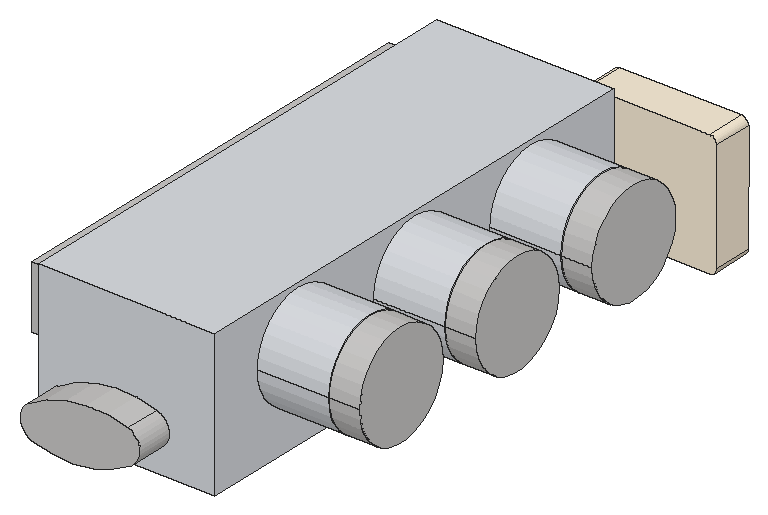
Revit family "HVAC_Ductwork_Airzone_Motorized-Plenum_Haier_Low-Profile_3-Dampers", category Mechanical Equipment, Revit 2016
Family settings
  Part Type = Normal
  Round Connector Dimension = Use Diameter
  OmniClass Number = 23.75.70.14
  OmniClass Title = Air Ductwork
  Work Plane-Based = No
  Always vertical = Yes
  Cut with Voids When Loaded = No
  Shared = No
  Room Calculation Point = No
Parameters (values of type "HAISL01S3")
  Voltage = 230 V
  URL = "www.airzone.es"
  Type Image Comments = "Image available in product documentation download"  # constant formula
  Revit Model Version = "1.0"  # constant formula
  Revit Model Author URL = "www.a3d.es"
  Revit Model Author = "A3D Consulting"  # constant formula
  Product Documentation Download URL = "http://doc.airzone.es/BIM/Easyzone/Haier-Airzone_motorized_plenum.zip"
  Product Comments = "Refer to technical documentation for further details"  # constant formula
  Power Factor = 1
  Neck Width = 645.200 mm
  Neck Length = 40.000 mm
  Neck Height = 90.000 mm
  Material = Metal - AIRZONE - Galvanized Sheet - Semi-polished
  Main Control Board Material = Plastic - AIRZONE - Smooth - Off-white
  Load Classification = Other
  Insulated Body Width = 255.000 mm  # constant formula
  Insulated Body Material = Metal -AIRZONE - Insulating Lining -Aluminum Finish
  Insulated Body Length = 720.000 mm  # constant formula
  Insulated Body Height = 210.000 mm  # constant formula
  Flow [instance] = Damper 3 Air Flow + Damper 2 Air Flow + Damper 1 Air Flow - Fresh Air Inlet 2 Flow - Fresh Air Inlet 1 Flow  # 900 m³/h
  Fresh Air Inlet 1 Flow [instance] = 0 m³/h
  Fresh Air Inlet 2 Flow [instance] = 0 m³/h
  Fresh Air Inlet Connection Width = 175.000 mm
  Fresh Air Inlet Connection Height = 75.000 mm
  Model = "HAISL01S3"
  Neck Side Offset = 37.400 mm
  Neck Bottom Offset = 92.400 mm
  Type Image = <None>
  Manufacturer = "AIRZONE"  # constant formula
  Main Control Board Depth = 57.000 mm  # constant formula
  Main Control Board Width = 195.000 mm  # constant formula
  Main Control Board Height = 180.000 mm  # constant formula
  Fixing = ""
  Disclaimer = "All information provided in this model is reviewed before being published. However, Airzone cannot guarantee this model is error-free, therefore users are strongly encouraged to check for technical documentation and updates"  # constant formula
  Description = "Airzone low profile motorized plenum with neck that mechanically adapts to the main ducted AC units of Haier."
  Type Comments = ""
  Dampers Length = 149.000 mm  # constant formula
  Dampers Diameter = 150.000 mm  # constant formula
  Damper 1 Air Flow [instance] = 300 m³/h
  Damper 2 Air Flow [instance] = 300 m³/h
  Damper 3 Air Flow [instance] = 300 m³/h
  Fresh Air Inlet Connection Offset Height = 48.305 mm  # constant formula
  Compatible Accesories = ""
  Apparent Load = 57.5 VA
Reference planes
  plane 1 "Center (Front/Back)": y = 0
  plane 2 "Center (Elevation)": z = 0
  plane 3 "Center (Left/Right)": x = 0
  plane 4 "Neck Back": y = 322.6
  plane 5 "Neck Front": y = -322.6
  plane 6 "Neck Top": z = 45
  plane 7 "Neck Bottom": z = -45
  plane 8 "Left": x = 40
  plane 9 "Bottom": z = -137.4
  plane 10 "Top": z = 72.6
  plane 11 "Front": y = -360
  plane 12 "Back": y = 360
  plane 13 "Right": x = 295
  plane 14 "Dampers Front": x = 444
  plane 15 "Dampers Center (Elevation)": z = -7.4
  plane 16 "Damper3": y = -210
  plane 17 "Damper2": y = 0
  plane 18 "Damper1": y = 210
  plane 19 "Middle": y = 0
  plane 20 "FreshAir Center (Elevation)": z = -89.095
  plane 21 "FreshAir1": y = 412.5
  plane 22 "FreshAir2": y = -412.5
  plane 23 "Dampers Lining": x = 399
  plane 24 "FreshAir Vertical Axis": x = 142.04
  plane 25 "ConnectionBox Side": x = 249
  plane 26 "Main Control Board Center (Left/Right)": x = 346.5
Forms (mm)
  Extrusion 1, solid, material "Metal - AIRZONE - Galvanized Sheet - Semi-polished" <- "Material"
    sketch origin (0, 0, 0) x (0, 1, 0) y (0, 0, 1)
      loop
        line (-322.6, 45) -> (-322.6, -45) -> (322.6, -45) -> (322.6, 45) -> (-322.6, 45)
    from 0 to 40
  Extrusion 2, solid, material "Metal -AIRZONE - Insulating Lining -Aluminum Finish" <- "Insulated Body Material"
    sketch origin (40, 0, 0) x (0, 1, 0) y (0, 0, 1)
      loop
        line (-360, 72.6) -> (-360, -137.4) -> (360, -137.4) -> (360, 72.6) -> (-360, 72.6)
    from 0 to 255
  Extrusion 3, solid, material "Metal - AIRZONE - Galvanized Sheet - Semi-polished" <- "Material"
    sketch origin (295, 0, 0) x (0, 1, 0) y (0, 0, 1)
      loop
        circle (-210, -7.4) r 75
    from 104 to 149
  Extrusion 4, solid, material "Metal - AIRZONE - Galvanized Sheet - Semi-polished" <- "Material"
    sketch origin (295, 0, 0) x (0, 1, 0) y (0, 0, 1)
      loop
        circle (0, -7.4) r 75
    from 104 to 149
  Extrusion 5, solid, material "Metal - AIRZONE - Galvanized Sheet - Semi-polished" <- "Material"
    sketch origin (295, 0, 0) x (0, 1, 0) y (0, 0, 1)
      loop
        circle (210, -7.4) r 75
    from 104 to 149
  Extrusion 6, solid, material "Metal - AIRZONE - Galvanized Sheet - Semi-polished" <- "Material"
    sketch origin (0, -360, 0) x (0, 0, 1) y (1, 0, 0)
      loop
        arc (-56.541, 211.414) -> (-78.008, 228.315) -> (-102.712, 216.644) r 25.96
        arc (-102.712, 216.644) -> (-128.702, 146.808) -> (-121.249, 72.666) r 164.67
        arc (-121.249, 72.666) -> (-100.065, 55.799) -> (-75.394, 66.961) r 25.96
        arc (-75.394, 66.961) -> (-49.125, 136.99) -> (-56.541, 211.414) r 164.67
    from 0 to -52.5
  Extrusion 7, solid, material "Metal - AIRZONE - Galvanized Sheet - Semi-polished" <- "Material"
    sketch origin (0, 360, 0) x (0, 0, 1) y (1, 0, 0)
      loop
        arc (-56.541, 211.414) -> (-77.725, 228.281) -> (-102.396, 217.119) r 25.96
        arc (-102.396, 217.119) -> (-128.579, 147.74) -> (-121.667, 73.909) r 164.67
        arc (-121.667, 73.909) -> (-100.432, 55.847) -> (-75.078, 67.436) r 25.96
        arc (-75.078, 67.436) -> (-49.088, 137.272) -> (-56.541, 211.414) r 164.67
    from 0 to 52.5
  Extrusion 8, solid, material "Metal -AIRZONE - Insulating Lining -Aluminum Finish" <- "Insulated Body Material"
    sketch origin (295, 0, 0) x (0, 1, 0) y (0, 0, 1)
      loop
        circle (210, -7.4) r 75
    from 0 to 104
  Extrusion 9, solid, material "Metal -AIRZONE - Insulating Lining -Aluminum Finish" <- "Insulated Body Material"
    sketch origin (295, -260, 0) x (0, 1, 0) y (0, 0, 1)
      loop
        circle (260, -7.4) r 75
    from 0 to 104
  Extrusion 10, solid, material "Metal -AIRZONE - Insulating Lining -Aluminum Finish" <- "Insulated Body Material"
    sketch origin (295, -520, 0) x (0, 1, 0) y (0, 0, 1)
      loop
        circle (310, -7.4) r 75
    from 0 to 104
Lines and regions (mm)
  Masking region 1
    outline origin (0, 0, 0) x (1, 0, 0) y (0, 1, 0)
      loop
        line (40, 360) -> (40, -360) -> (295, -360) -> (295, 360) -> (40, 360)
  Masking region 2, detail levels medium+fine
    outline origin (0, 0, 0) x (1, 0, 0) y (0, 1, 0)
      loop
        line (0, 322.6) -> (0, -322.6) -> (40, -322.6) -> (40, 322.6) -> (0, 322.6)
  Masking region 3, detail levels medium+fine
    outline origin (0, 0, 0) x (1, 0, 0) y (0, 1, 0)
      loop
        line (295, -135) -> (295, -285) -> (444, -285) -> (444, -135) -> (295, -135)
  Masking region 4, detail levels medium+fine
    outline origin (0, 260, 0) x (1, 0, 0) y (0, 1, 0)
      loop
        line (295, -185) -> (295, -335) -> (444, -335) -> (444, -185) -> (295, -185)
  Masking region 5, detail levels medium+fine
    outline origin (0, 520, 0) x (1, 0, 0) y (0, 1, 0)
      loop
        line (295, -235) -> (295, -385) -> (444, -385) -> (444, -235) -> (295, -235)
  Masking region 6, detail levels medium+fine
    outline origin (0, 0, -89.095) x (1, 0, 0) y (0, 1, 0)
      loop
        line (54.54, 412.5) -> (54.54, 360) -> (229.54, 360) -> (229.54, 412.5) -> (54.54, 412.5)
  Masking region 7, detail levels medium+fine
    outline origin (0, 0, -89.095) x (1, 0, 0) y (0, 1, 0)
      loop
        line (54.54, -360) -> (54.54, -412.5) -> (229.54, -412.5) -> (229.54, -360) -> (54.54, -360)
  Masking region 8, detail levels medium+fine
    outline origin (0, 0, 72.6) x (0, -1, 0) y (1, 0, 0)
      loop
        line (-417, 249) -> (-360, 249) -> (-360, 444) -> (-417, 444) -> (-417, 249)
  symbolic lines, detail levels coarse
    curve 1: line (40, -360, 0) -> (295, 0, 0)
    curve 2: line (295, 0, 0) -> (40, 360, 0)
Dimensions and locks
  equal spacing: plane 4 "Neck Back", plane 1 "Center (Front/Back)", plane 5 "Neck Front"
  "Neck Width": plane 4 "Neck Back" to plane 5 "Neck Front"
  equal spacing: plane 6 "Neck Top", level, plane 7 "Neck Bottom"
  "Neck Height": plane 6 "Neck Top" to plane 7 "Neck Bottom"
  "Neck Length": plane 3 "Center (Left/Right)" to plane 8 "Left"
  "Neck Bottom Offset": plane 7 "Neck Bottom" to plane 9 "Bottom"
  "Insulated Body Height": plane 10 "Top" to plane 9 "Bottom"
  "Insulated Body Length": plane 12 "Back" to plane 11 "Front"
  "Insulated Body Width": plane 8 "Left" to plane 13 "Right"
  "Dampers Length": plane 13 "Right" to plane 14 "Dampers Front"
  plane 18 "Damper1" to plane 17 "Damper2" to plane 16 "Damper3" = 210.000 mm locked, 210.000 mm locked
  equal spacing: plane 12 "Back", plane 19 "Middle", plane 11 "Front"
  plane 8 "Left" to plane 13 "Right" = 255.000 mm
  "Fresh Air Inlet Connection Offset Height": plane 20 "FreshAir Center (Elevation)" to plane 9 "Bottom"
  locked: Extrusion 6 sketch curve to plane 9 "Bottom" at 56.47
  locked: Extrusion 6 sketch curve to plane 8 "Left" at 162.52
  locked: Extrusion 6 sketch curve to plane 8 "Left" at 41.56
  locked: Extrusion 6 sketch curve to plane 9 "Bottom" at 40.54
  locked: Extrusion 6 sketch curve to plane 8 "Left" at 118.3
  locked: plane 9 "Bottom" to Extrusion 6 sketch curve at 75.01
  locked: Extrusion 6 sketch curve to plane 8 "Left" at 85.78
  locked: Extrusion 6 sketch curve to plane 9 "Bottom" at 172.02
  locked: Extrusion 7 sketch curve to plane 8 "Left" at 162.52
  locked: Extrusion 7 sketch curve to plane 9 "Bottom" at 56.47
  locked: Extrusion 7 sketch curve to plane 9 "Bottom" at 40.54
  locked: Extrusion 7 sketch curve to plane 8 "Left" at 41.56
  locked: Extrusion 7 sketch curve to plane 8 "Left" at 85.78
  locked: Extrusion 7 sketch curve to plane 9 "Bottom" at 172.02
  locked: plane 9 "Bottom" to Extrusion 7 sketch curve at 75.01
  locked: Extrusion 7 sketch curve to plane 8 "Left" at 118.3
  "Neck Side Offset": plane 12 "Back" to plane 4 "Neck Back"
  equal spacing: plane 12 "Back", plane 17 "Damper2", plane 11 "Front"
  locked: plane 21 "FreshAir1" to plane 12 "Back" at 52.5
  plane 11 "Front" to plane 22 "FreshAir2" = 52.500 mm
  locked: connector elem to plane 24 "FreshAir Vertical Axis"  (x2)
  locked: plane 20 "FreshAir Center (Elevation)" to connector elem at 0
  locked: connector elem to plane 20 "FreshAir Center (Elevation)"
  locked: plane 23 "Dampers Lining" to plane 14 "Dampers Front" at 45
  locked: plane 8 "Left" to plane 24 "FreshAir Vertical Axis" at 102.04
  equal spacing: Masking region 3 sketch curve, plane 16 "Damper3", Masking region 3 sketch curve
  "Dampers Diameter": Masking region 3 sketch curve to Masking region 3 sketch curve
  equal spacing: Masking region 4 sketch curve, plane 17 "Damper2", Masking region 4 sketch curve
  "Dampers Diameter": Masking region 4 sketch curve to Masking region 4 sketch curve
  equal spacing: Masking region 5 sketch curve, plane 18 "Damper1", Masking region 5 sketch curve
  "Dampers Diameter": Masking region 5 sketch curve to Masking region 5 sketch curve
  equal spacing: Masking region 6 sketch curve, plane 24 "FreshAir Vertical Axis", Masking region 6 sketch curve
  "Fresh Air Inlet Connection Width": Masking region 6 sketch curve to Masking region 6 sketch curve
  equal spacing: Masking region 7 sketch curve, plane 24 "FreshAir Vertical Axis", Masking region 7 sketch curve
  "Fresh Air Inlet Connection Width": Masking region 7 sketch curve to Masking region 7 sketch curve
  "Main Control Board Depth": Masking region 8 sketch curve to plane 12 "Back"
  "Main Control Board Width": plane 25 "ConnectionBox Side" to plane 14 "Dampers Front"
  equal spacing: plane 25 "ConnectionBox Side", plane 26 "Main Control Board Center (Left/Right)", plane 14 "Dampers Front"
  locked: nested 1 to plane 10 "Top" at 10
  locked: plane 10 "Top" to plane 15 "Dampers Center (Elevation)" at 80
  "Dampers Diameter": diameter of Extrusion 3 sketch curve
  "Dampers Diameter": diameter of Extrusion 4 sketch curve
  "Dampers Diameter": diameter of Extrusion 5 sketch curve
  radius of Extrusion 7 sketch curve = 164.670 mm  (x2)
  radius of Extrusion 7 sketch curve = 25.960 mm  (x2)
  radius of Extrusion 6 sketch curve = 164.670 mm  (x2)
  radius of Extrusion 6 sketch curve = 25.960 mm  (x2)
  "Dampers Diameter": diameter of Extrusion 8 sketch curve
  "Dampers Diameter": diameter of Extrusion 9 sketch curve
  "Dampers Diameter": diameter of Extrusion 10 sketch curve
  aligned and locked: level to plane 2 "Center (Elevation)"
  aligned and locked: plane 5 "Neck Front" to Extrusion 1 sketch curve
  aligned and locked: Extrusion 1 sketch curve to plane 6 "Neck Top"
  aligned and locked: Extrusion 1 sketch curve to plane 4 "Neck Back"
  aligned and locked: plane 7 "Neck Bottom" to Extrusion 1 sketch curve
  aligned and locked: Extrusion 1 to plane 3 "Center (Left/Right)"
  aligned and locked: Extrusion 2 sketch curve to plane 10 "Top"
  aligned and locked: Extrusion 2 sketch curve to plane 12 "Back"
  aligned and locked: plane 9 "Bottom" to Extrusion 2 sketch curve
  aligned and locked: plane 11 "Front" to Extrusion 2 sketch curve
  aligned and locked: plane 13 "Right" to Extrusion 2
  aligned and locked: Extrusion 2 to plane 8 "Left"
  aligned and locked: plane 16 "Damper3" to Extrusion 3 sketch curve
  aligned and locked: plane 15 "Dampers Center (Elevation)" to Extrusion 3 sketch curve
  aligned and locked: plane 17 "Damper2" to Extrusion 4 sketch curve
  aligned and locked: plane 15 "Dampers Center (Elevation)" to Extrusion 4 sketch curve
  aligned and locked: plane 18 "Damper1" to Extrusion 5 sketch curve
  aligned and locked: plane 15 "Dampers Center (Elevation)" to Extrusion 5 sketch curve
  aligned and locked: plane 14 "Dampers Front" to Extrusion 5
  aligned and locked: plane 14 "Dampers Front" to Extrusion 4
  aligned and locked: plane 14 "Dampers Front" to Extrusion 3
  aligned and locked: plane 8 "Left" to Extrusion 1
  aligned and locked: plane 22 "FreshAir2" to Extrusion 6
  aligned and locked: plane 21 "FreshAir1" to Extrusion 7
  aligned and locked: Extrusion 7 to plane 12 "Back"
  aligned and locked: plane 11 "Front" to Extrusion 6
  aligned and locked: Extrusion 5 to plane 23 "Dampers Lining"
  aligned and locked: Extrusion 5 to Extrusion 4
  aligned and locked: Extrusion 4 to Extrusion 3
  aligned and locked: plane 23 "Dampers Lining" to Extrusion 8
  aligned and locked: Extrusion 10 to plane 13 "Right"
  aligned and locked: plane 23 "Dampers Lining" to Extrusion 10
  aligned and locked: Extrusion 9 to plane 13 "Right"
  aligned and locked: plane 23 "Dampers Lining" to Extrusion 9
  aligned and locked: Extrusion 8 to plane 13 "Right"
  aligned and locked: Extrusion 9 to Extrusion 8
  aligned and locked: plane 18 "Damper1" to Extrusion 8 sketch curve
  aligned and locked: plane 15 "Dampers Center (Elevation)" to Extrusion 8 sketch curve
  aligned and locked: plane 17 "Damper2" to Extrusion 9 sketch curve
  aligned and locked: plane 15 "Dampers Center (Elevation)" to Extrusion 9 sketch curve
  aligned and locked: plane 16 "Damper3" to Extrusion 10 sketch curve
  aligned and locked: plane 15 "Dampers Center (Elevation)" to Extrusion 10 sketch curve
  aligned and locked: Masking region 1 sketch curve to plane 12 "Back"
  aligned and locked: plane 8 "Left" to Masking region 1 sketch curve
  aligned and locked: Masking region 1 sketch curve to plane 13 "Right"
  aligned and locked: plane 11 "Front" to Masking region 1 sketch curve
  aligned and locked: plane 5 "Neck Front" to Masking region 2 sketch curve
  aligned and locked: plane 3 "Center (Left/Right)" to Masking region 2 sketch curve
  aligned and locked: Masking region 2 sketch curve to plane 4 "Neck Back"
  aligned and locked: Masking region 2 sketch curve to plane 8 "Left"
  aligned and locked: plane 13 "Right" to Masking region 3 sketch curve
  aligned and locked: Masking region 3 sketch curve to plane 14 "Dampers Front"
  aligned and locked: plane 13 "Right" to Masking region 4 sketch curve
  aligned and locked: Masking region 4 sketch curve to plane 14 "Dampers Front"
  aligned and locked: plane 13 "Right" to Masking region 5 sketch curve
  aligned and locked: Masking region 5 sketch curve to plane 14 "Dampers Front"
  aligned and locked: plane 12 "Back" to Masking region 6 sketch curve
  aligned and locked: Masking region 6 sketch curve to plane 21 "FreshAir1"
  aligned and locked: Masking region 7 sketch curve to plane 11 "Front"
  aligned and locked: Masking region 7 sketch curve to plane 22 "FreshAir2"
  aligned and locked: plane 12 "Back" to Masking region 8 sketch curve
  aligned and locked: Masking region 8 sketch curve to plane 14 "Dampers Front"
  aligned and locked: plane 25 "ConnectionBox Side" to Masking region 8 sketch curve
  aligned and locked: nested 1 to plane 26 "Main Control Board Center (Left/Right)"
Automatic sketch dimensions
  curve 2 to plane 8 "Left" = 0.000 mm
  curve 1 to plane 8 "Left" = 0.000 mm
  curve 1 to plane 13 "Right" = 0.000 mm
  curve 1 to plane 11 "Front" = 0.000 mm
  curve 2 to plane 17 "Damper2" = 0.000 mm
  curve 2 to plane 12 "Back" = 0.000 mm
Nested families
  nested 1: "Airzone_Main-Control-Board" at (346.5, 360, -27.4) x (-1, 0, 0) z (0, 1, 0), Extrusion <- "Main Control Board Depth", Height <- "Main Control Board Height", Width <- "Main Control Board Width", Material <- "Main Control Board Material", type "Standard"
    with Width 195.000 mm, Material Plastic - AIRZONE - Smooth - Off-white, Height 180.000 mm, Extrusion 57.000 mm
Connectors
  hvac at (444, -210, -7.4), driven by "Damper 3 Air Flow", driven by "Dampers Diameter"
    settings: on Extrusion 3, index 1, duct flow 300 m³/h, flow factor 0, pres drop 0.0 Pa, loss coef 0, conn angle 0.00°, conn width 304.8 mm, conn height 304.8 mm, conn diameter 150 mm, duct sys type 1, conn prof type 0, flow config 0, flow direction 2, loss method 0, conn ref index -1, conn util no, is conn primary no, conn desc "Supply Air Out 3"
  hvac at (444, 0, -7.4), driven by "Damper 2 Air Flow", driven by "Dampers Diameter"
    settings: on Extrusion 4, index 2, duct flow 300 m³/h, flow factor 0, pres drop 0.0 Pa, loss coef 0, conn angle 0.00°, conn width 304.8 mm, conn height 304.8 mm, conn diameter 150 mm, duct sys type 1, conn prof type 0, flow config 0, flow direction 2, loss method 0, conn ref index -1, conn util no, is conn primary no, conn desc "Supply Air Out 2"
  hvac at (444, 210, -7.4), driven by "Damper 1 Air Flow", driven by "Dampers Diameter"
    settings: on Extrusion 5, index 3, duct flow 300 m³/h, flow factor 0, pres drop 0.0 Pa, loss coef 0, conn angle 0.00°, conn width 304.8 mm, conn height 304.8 mm, conn diameter 150 mm, duct sys type 1, conn prof type 0, flow config 0, flow direction 2, loss method 0, conn ref index -1, conn util no, is conn primary no, conn desc "Supply Air Out 1"
  hvac at (0, 0, 0), driven by "Flow", driven by "Neck Height", driven by "Neck Width"
    settings: on Extrusion 1, index 6, duct flow 900 m³/h, flow factor 0, pres drop 0.0 Pa, loss coef 0, conn angle 0.00°, conn width 645.2 mm, conn height 90 mm, conn diameter 609.6 mm, duct sys type 1, conn prof type 1, flow config 1, flow direction 1, loss method 0, conn ref index -1, conn util no, is conn primary yes, conn desc "Supply Air In"
  hvac at (142.04, -412.5, -89.095), driven by "Fresh Air Inlet 2 Flow", driven by "Fresh Air Inlet Connection Width", driven by "Fresh Air Inlet Connection Height"
    settings: index 7, duct flow 0 m³/h, flow factor 0, pres drop 0.0 Pa, loss coef 0, conn angle 0.00°, conn width 175 mm, conn height 75 mm, conn diameter 609.6 mm, duct sys type 1, conn prof type 2, flow config 1, flow direction 1, loss method 0, conn ref index -1, conn util no, is conn primary no, conn desc "Fresh Air In 2"
  hvac at (142.04, 412.5, -89.095), driven by "Fresh Air Inlet 1 Flow", driven by "Fresh Air Inlet Connection Height", driven by "Fresh Air Inlet Connection Width"
    settings: index 8, duct flow 0 m³/h, flow factor 0, pres drop 0.0 Pa, loss coef 0, conn angle 0.00°, conn width 175 mm, conn height 75 mm, conn diameter 609.6 mm, duct sys type 1, conn prof type 2, flow config 1, flow direction 1, loss method 0, conn ref index -1, conn util no, is conn primary no, conn desc "Fresh Air In 1"
  electrical at (346.5, 417, -27.4), driven by "Load Classification", driven by "Voltage", driven by "Apparent Load", driven by "Power Factor"
    settings: on nested 1, index 9, voltage 230 V, apparent load 57.5 VA, apparent load phase1 0 VA, apparent load phase2 0 VA, apparent load phase3 0 VA, power factor 1, load classification "Other", number of poles 1, system type 30, power factor state 1, is connector primary yes, connector utility no, sub classification motor no, connector description "Power Supply"
Definition of nested family "Airzone_Main-Control-Board"
  Parameters (values of type "Standard")
    Width [instance] = 195.000 mm
    URL = "www.airzone.es"
    Revit Model Version = "1.0"  # constant formula
    Revit Model Author URL = "www.a3d.es"
    Revit Model Author = "A3D Consulting"  # constant formula
    Material [instance] = none
    Manufacturer = "AIRZONE"  # constant formula
    Height [instance] = 180.000 mm
    Extrusion [instance] = 57.000 mm
    Default Elevation = 0.000 mm
  Reference planes
    plane 1 "Center (Front/Back)": y = 0
    plane 2: z = 0
    plane 3 "Center (Left/Right)": x = 0
    plane 4: y = 90
    plane 5: y = -90
    plane 6: x = 97.5
    plane 7: x = -97.5
  Forms (mm)
    Extrusion 1, solid, material <- "Material"
      sketch origin (0, 0, 0) x (1, 0, 0) y (0, 1, 0)
        loop
          arc (-87.5, 90) -> (-94.571, 87.071) -> (-97.5, 80) r 10
          line (-97.5, 80) -> (-97.5, -80)
          arc (-97.5, -80) -> (-94.571, -87.071) -> (-87.5, -90) r 10
          line (-87.5, -90) -> (87.5, -90)
          arc (87.5, -90) -> (94.571, -87.071) -> (97.5, -80) r 10
          line (97.5, -80) -> (97.5, 80)
          arc (97.5, 80) -> (94.571, 87.071) -> (87.5, 90) r 10
          line (87.5, 90) -> (-87.5, 90)
      from 0 to 57 <- "Extrusion"
  Dimensions and locks
    equal spacing: plane 7, plane 3 "Center (Left/Right)", plane 6
    equal spacing: plane 4, plane 1 "Center (Front/Back)", plane 5
    "Width": plane 7 to plane 6
    "Height": plane 4 to plane 5
    radius of Extrusion 1 sketch curve = 10.000 mm  (x4)
    aligned and locked: level to plane 2
    aligned and locked: plane 5 to Extrusion 1 sketch curve
    aligned and locked: Extrusion 1 sketch curve to plane 6
    aligned and locked: Extrusion 1 sketch curve to plane 4
    aligned and locked: plane 7 to Extrusion 1 sketch curve
